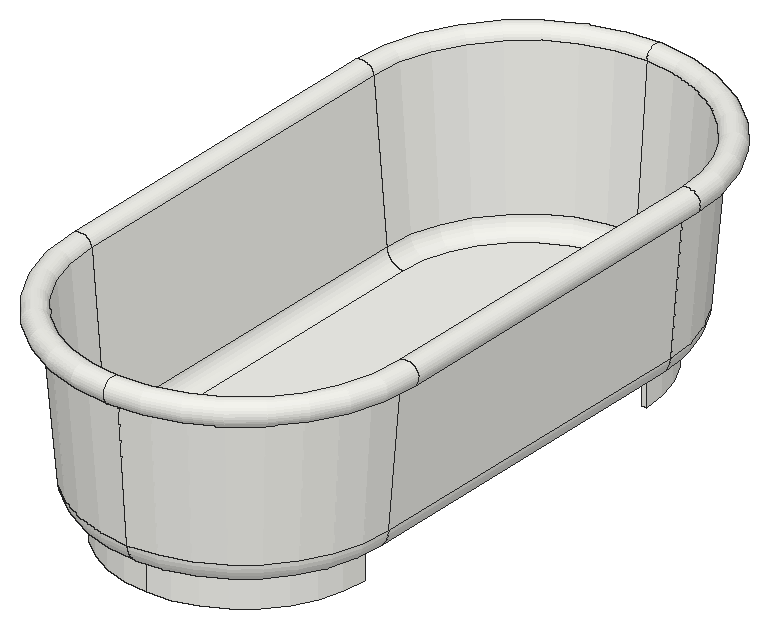
Revit family "M_Banheira-Independente-3D", category Peças hidrossanitárias, Revit 2019
Family settings
  Cota do conector redondo = Utilizar diâmetro
  Tipo de parte = Normal
  Número OmniClass = 23.45.05.14.21.11
  Título OmniClass = Bath/Shower Units
  ID de item do Seek = Tub-Free Standing-3D-0000-CAN-ENU
  Com base no plano de trabalho = Não
  Sempre na vertical = Sim
  Corte com vazios quando carregada = Não
  Compartilhado = Não
  Ponto de cálculo do ambiente = Não
Parameters (values of type "760 x 1525mm")
  Altura = 460.00 mm
  Comprimento = 1525.00 mm
  Material do sifão = Porcelana, Marfim
  Largura = 760.00 mm
Reference planes
  plane 1 "Centro (Frente/Trás)": y = 0
  plane 2: z = 0
  plane 3 "Centro (Esquerda/Direita)": x = 0
  plane 4: x = 380
  plane 5: x = -380
  plane 6: y = 762.5
  plane 7: y = -762.5
  plane 8: z = 434.6
  plane 9: z = 66.3
  plane 10: z = 460
Forms (mm)
  Sweep 1, solid, material "Porcelana, Marfim"
    path origin (0, 0, 434.6) x (1, 0, 0) y (0, 1, 0)
      loop
        arc (329.2, 382.5) -> (232.78, 615.28) -> (0, 711.7) r 329.2
        arc (0, 711.7) -> (-232.78, 615.28) -> (-329.2, 382.5) r 329.2
        line (-329.2, 382.5) -> (-329.2, -382.5)
        arc (-329.2, -382.5) -> (-232.78, -615.28) -> (0, -711.7) r 329.2
        arc (0, -711.7) -> (232.78, -615.28) -> (329.2, -382.5) r 329.2
        line (329.2, -382.5) -> (329.2, 382.5)
    profile origin (0, 0, 434.6) x (1, 0, 0) y (0, 0, 1)
      loop
        line (329.456, 3.598) -> (301.237, -318.943)
        arc (301.237, -318.943) -> (289.022, -343.713) -> (263.282, -353.723) r 38.1
        line (263.282, -353.723) -> (263.282, -368.646)
        arc (263.282, -368.646) -> (299.105, -354.716) -> (316.105, -320.244) r 53.024
        line (316.105, -320.244) -> (341.9, -25.4) -> (354.6, -25.4)
        arc (354.6, -25.4) -> (373.791, 16.64) -> (329.456, 3.598) r 25.4
  Extrusion 2, solid, material "Porcelana, Marfim"
    sketch origin (0, 0, 66.3) x (0, -1, 0) y (1, 0, 0)
      loop
        line (-382.5, -263.282) -> (382.5, -263.282)
        arc (382.5, -263.282) -> (568.669, -186.169) -> (645.782, 0) r 263.282
        arc (645.782, 0) -> (568.669, 186.169) -> (382.5, 263.282) r 263.282
        line (382.5, 263.282) -> (-382.5, 263.282)
        arc (-382.5, 263.282) -> (-568.669, 186.169) -> (-645.782, 0) r 263.282
        arc (-645.782, 0) -> (-568.669, -186.169) -> (-382.5, -263.282) r 263.282
    from 0 to 15.081
  Extrusion 3, solid, material "Porcelana, Marfim"
    sketch origin (0, 0, 0) x (1, 0, 0) y (0, 1, 0)
      loop
        arc (-263.282, -382.5) -> (-186.169, -568.669) -> (0, -645.782) r 263.282
        arc (0, -645.782) -> (186.169, -568.669) -> (263.282, -382.5) r 263.282
        line (263.282, -382.5) -> (253, -382.5)
        arc (253, -382.5) -> (178.898, -561.398) -> (0, -635.5) r 253
        arc (0, -635.5) -> (-178.898, -561.398) -> (-253, -382.5) r 253
        line (-253, -382.5) -> (-263.282, -382.5)
    from 0 to 66.3
  Extrusion 4, solid, material "Porcelana, Marfim"
    sketch origin (0, 0, 0) x (1, 0, 0) y (0, 1, 0)
      loop
        arc (-253, 382.5) -> (-178.898, 561.398) -> (0, 635.5) r 253
        arc (0, 635.5) -> (178.898, 561.398) -> (253, 382.5) r 253
        line (253, 382.5) -> (263.282, 382.5)
        arc (263.282, 382.5) -> (186.169, 568.669) -> (0, 645.782) r 263.282
        arc (0, 645.782) -> (-186.169, 568.669) -> (-263.282, 382.5) r 263.282
        line (-263.282, 382.5) -> (-253, 382.5)
    from 0 to 66.3
Cuts and joins
  joined: Sweep 1, Extrusion 2, Extrusion 4
Lines and regions (mm)
  Masking region 1
    outline origin (0, 0, 0) x (1, 0, 0) y (0, 1, 0)
      loop
        arc (-25.4, 762.5) -> (-276.14, 658.64) -> (-380, 407.9) r 354.6
        line (-380, 407.9) -> (-380, -407.9)
        arc (-380, -407.9) -> (-276.14, -658.64) -> (-25.4, -762.5) r 354.6
        line (-25.4, -762.5) -> (25.4, -762.5)
        arc (25.4, -762.5) -> (276.14, -658.64) -> (380, -407.9) r 354.6
        line (380, -407.9) -> (380, 407.9)
        arc (380, 407.9) -> (276.14, 658.64) -> (25.4, 762.5) r 354.6
        line (25.4, 762.5) -> (-25.4, 762.5)
  symbolic lines
    curve 1: line (-25.4, 762.5, 0) -> (25.4, 762.5, 0)
    curve 2: line (-380, -407.9, 0) -> (-380, 407.9, 0)
    curve 3: line (25.4, -762.5, 0) -> (-25.4, -762.5, 0)
    curve 4: line (380, 407.9, 0) -> (380, -407.9, 0)
    curve 5: arc (-25.4, 762.5, 0) -> (-276.14, 658.64, 0) -> (-380, 407.9, 0) r 354.6
    curve 6: arc (25.4, 762.5, 0) -> (276.14, 658.64, 0) -> (380, 407.9, 0) r 354.6
    curve 7: arc (-25.4, -762.5, 0) -> (-276.14, -658.64, 0) -> (-380, -407.9, 0) r 354.6
    curve 8: arc (380, -407.9, 0) -> (276.14, -658.64, 0) -> (25.4, -762.5, 0) r 354.6
    curve 9: line (-329.2, -382.5, 0) -> (-329.2, 382.5, 0)
    curve 10: line (329.2, 382.5, 0) -> (329.2, -382.5, 0)
    curve 11: arc (-329.2, 382.5, 0) -> (0, 711.7, 0) -> (329.2, 382.5, 0) r 329.2
    curve 12: arc (-329.2, -382.5, 0) -> (0, -711.7, 0) -> (329.2, -382.5, 0) r 329.2
    curve 13: arc (25.4, 407.9, 0) -> (0, 433.3, 0) -> (-25.4, 407.9, 0) r 25.4
    curve 14: arc (-25.4, 407.9, 0) -> (0, 382.5, 0) -> (25.4, 407.9, 0) r 25.4
Dimensions and locks
  equal spacing: plane 5, plane 3 "Centro (Esquerda/Direita)", plane 4
  equal spacing: plane 7, plane 1 "Centro (Frente/Trás)", plane 6
  "Largura": plane 5 to plane 4
  "Comprimento": plane 7 to plane 6
  locked: plane 9 to plane 8 at 368.3
  locked: plane 8 to plane 10 at 25.4
  "Altura": plane 2 to plane 10
  locked: Sweep 1 sketch curve to plane 6 at 50.8
  locked: plane 7 to Sweep 1 sketch curve at 50.8
  locked: plane 7 to Extrusion 2 sketch curve at 116.718
  locked: plane 7 to Extrusion 3 sketch curve at 116.718
  locked: Extrusion 4 sketch curve to plane 6 at 116.718
  locked: Extrusion 4 sketch curve to plane 4 at 116.718
  aligned and locked: Extrusion 3 to plane 9
  aligned and locked: Extrusion 4 to plane 9
  aligned and locked: Masking region 1 sketch curve to curve 2
  aligned and locked: Masking region 1 sketch curve to curve 7
  aligned and locked: Masking region 1 sketch curve to curve 4
  aligned and locked: Masking region 1 sketch curve to curve 6
Automatic sketch dimensions
  curve 7 to plane 5 = 0.00 mm
  curve 5 to plane 6 = 0.00 mm
  curve 3 to plane 7 = 0.00 mm
  curve 13 to plane 3 "Centro (Esquerda/Direita)" = 0.00 mm
  curve 11 to plane 3 "Centro (Esquerda/Direita)" = 0.00 mm
  curve 4 to plane 4 = 0.00 mm
  curve 11 to plane 5 = 50.80 mm
  curve 14 to plane 3 "Centro (Esquerda/Direita)" = 25.40 mm
  curve 5 to plane 3 "Centro (Esquerda/Direita)" = 25.40 mm
  curve 7 to plane 3 "Centro (Esquerda/Direita)" = 25.40 mm
  plane 3 "Centro (Esquerda/Direita)" to curve 3 = 25.40 mm
  curve 6 to curve 13 = 0.00 mm
  curve 4 to curve 10 = 25.40 mm
  curve 9 to curve 2 = 25.40 mm
  curve 13 to curve 6 = 0.00 mm
  Sweep 1 sketch curve to plane 8 = 0.00 mm
  profile plane to Sweep 1 sketch curve = 65.918 mm
  profile plane to Sweep 1 sketch curve = 27.963 mm
  profile plane to Sweep 1 sketch curve = 13.095 mm
  Sweep 1 sketch curve to profile plane = 0.256 mm
  Sweep 1 sketch curve to profile plane = 12.70 mm
  Sweep 1 sketch curve to Sweep 1 sketch curve = 12.70 mm
  Sweep 1 sketch curve to Sweep 1 sketch curve = 25.40 mm
  Sweep 1 sketch curve to Sweep 1 sketch curve = 290.223 mm
  Sweep 1 sketch curve to Sweep 1 sketch curve = 0.00 mm
  Sweep 1 sketch curve to Sweep 1 sketch curve = 3.321 mm
  Sweep 1 sketch curve to Sweep 1 sketch curve = 1.301 mm
  Sweep 1 sketch curve to plane 3 "Centro (Esquerda/Direita)" = 0.00 mm  (x2)
  Sweep 1 sketch curve to plane 5 = 50.80 mm
  plane 4 to Sweep 1 sketch curve = 50.80 mm
  Extrusion 2 sketch curve to plane 3 "Centro (Esquerda/Direita)" = 0.00 mm  (x2)
  plane 6 to Extrusion 2 sketch curve = 116.718 mm
  plane 4 to Extrusion 2 sketch curve = 116.718 mm
  Extrusion 2 sketch curve to Extrusion 2 sketch curve = 0.00 mm
  Extrusion 3 sketch curve to plane 3 "Centro (Esquerda/Direita)" = 0.00 mm  (x2)
  Extrusion 3 sketch curve to plane 5 = 127.00 mm
  Extrusion 3 sketch curve to Extrusion 3 sketch curve = 10.282 mm
  plane 4 to Extrusion 3 sketch curve = 127.00 mm
  Extrusion 4 sketch curve to plane 3 "Centro (Esquerda/Direita)" = 0.00 mm  (x2)
  Extrusion 4 sketch curve to plane 5 = 127.00 mm
  Extrusion 4 sketch curve to Extrusion 4 sketch curve = 10.282 mm
  Masking region 1 sketch curve to plane 3 "Centro (Esquerda/Direita)" = 25.40 mm
  plane 3 "Centro (Esquerda/Direita)" to Masking region 1 sketch curve = 25.40 mm
